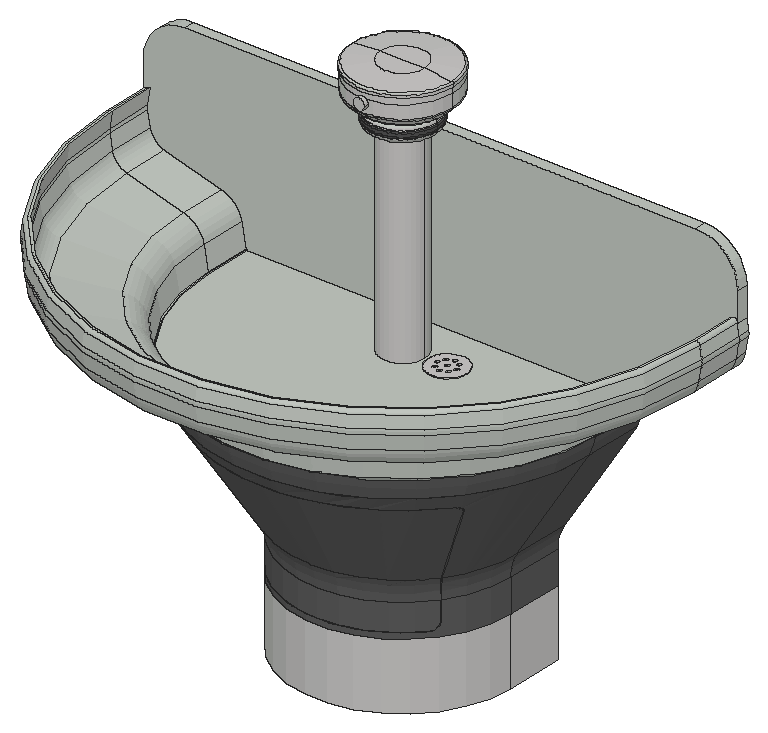
Revit family "Washfountain_Lavatory-Bradley_Corp-TDB3104-Type_B_Drain", category Plumbing Fixtures, Revit 2012 (continued)
Lines and regions (in)
  symbolic lines, visible <- "Towel Dispenser"
    curve 42: line (-9.02868, -27, 53.185) -> (-3.52868, -27, 53.185)
    curve 43: line (-3.52868, -27, 53.185) -> (-1.58013, -27, 51.81)
    curve 44: line (-3.52868, -27, 53.185) -> (-3.52868, -27, 66.435)
    curve 45: line (-9.02868, -27, 66.435) -> (-3.52868, -27, 66.435)
    curve 46: line (-3.52868, -27, 66.435) -> (-0.06458, -27, 67.1225)
    curve 47: line (-0.06458, -27, 67.1225) -> (-0.06458, -27, 51.81)
    curve 48: line (0.06458, -27, 51.81) -> (0.06458, -27, 67.1225)
    curve 49: line (0.06458, -27, 67.1225) -> (3.52868, -27, 66.435)
    curve 50: line (3.52868, -27, 66.435) -> (3.52868, -27, 53.185)
    curve 51: line (3.52868, -27, 53.185) -> (1.58013, -27, 51.81)
    curve 52: line (3.52868, -27, 53.185) -> (9.02868, -27, 53.185)
    curve 53: line (3.52868, -27, 66.435) -> (9.02868, -27, 66.435)
    curve 54: line (-2, -27, 67.1225) -> (2, -27, 67.1225)
    curve 55: line (-2, -27, 51.81) -> (2, -27, 51.81)
    curve 70: line (-5.56458, 7, 67.1225) -> (-5.56458, 7, 51.81)
    curve 71: line (5.56458, 7, 67.1225) -> (5.56458, 7, 51.81)
    curve 72: line (-2, 7, 53.37293) -> (-2, 7, 65.935)
    curve 73: line (2, 7, 65.935) -> (2, 7, 53.37293)
    curve 133: line (-27, -4.11186, 66.435) -> (-27, -2.11186, 67.1225)
    curve 134: line (-27, -4.11186, 66.435) -> (-27, -13.63814, 66.435)
    curve 135: line (-27, -4.11186, 53.185) -> (-27, -4.11186, 66.435)
    curve 136: line (-27, -2.98686, 51.81) -> (-27, -4.11186, 53.185)
    curve 137: line (-27, -4.11186, 53.185) -> (-27, -13.63814, 53.185)
    curve 144: line (-27, -3.25, 67.1225) -> (-27, -7.25, 67.1225)
    curve 145: line (-26.9807, -3.25, 51.81) -> (-26.9807, -7.25, 51.81)
    curve 152: line (-0.06458, -11.63814, 51.81) -> (-5.56458, -2.11186, 51.81)
    curve 153: line (5.56458, -2.11186, 51.81) -> (0.06458, -11.63814, 51.81)
    curve 164: line (-2, 7, 51.81) -> (-2, 7, 52.87293)
    curve 165: line (2, 7, 51.81) -> (2, 7, 52.87293)
    curve 166: line (-2, 7, 67.1225) -> (-2, 7, 66.435)
    curve 167: line (2, 7, 67.1225) -> (2, 7, 66.435)
    curve 168: line (-5.56458, 7, 66.435) -> (5.56458, 7, 66.435)
    curve 169: line (5.56458, 7, 65.935) -> (-5.56458, 7, 65.935)
    curve 170: line (-5.56458, 7, 53.37293) -> (5.56458, 7, 53.37293)
    curve 171: line (5.56458, 7, 52.87293) -> (-5.56458, 7, 52.87293)
  symbolic lines, visible <- "Towel Dispenser", detail levels medium+fine
    curve 56: line (-3.83614, -27, 52.87293) -> (-7.83674, -27, 52.87293)
    curve 57: spline (-7.83674, -27, 52.87293) -> (-7.91491, -27, 52.8596) -> (-7.94999, -27, 52.82053) -> (-7.93958, -27, 52.75838) -> (-7.88439, -27, 52.67739) -> (-7.78818, -27, 52.58306) -> (-7.65752, -27, 52.48184) -> (-7.50129, -27, 52.38062) -> (-7.33016, -27, 52.2863) -> (-7.15579, -27, 52.2053) -> (-6.99004, -27, 52.14315) -> (-6.84423, -27, 52.10408) -> (-6.72829, -27, 52.09075)
    curve 58: line (-6.72829, -27, 52.09075) -> (-2.72769, -27, 52.09075)
    curve 59: spline (-2.72769, -27, 52.09075) -> (-2.64952, -27, 52.10408) -> (-2.61444, -27, 52.14315) -> (-2.62485, -27, 52.2053) -> (-2.68004, -27, 52.2863) -> (-2.77625, -27, 52.38062) -> (-2.90691, -27, 52.48184) -> (-3.06314, -27, 52.58306) -> (-3.23427, -27, 52.67739) -> (-3.40864, -27, 52.75838) -> (-3.57439, -27, 52.82053) -> (-3.7202, -27, 52.8596) -> (-3.83614, -27, 52.87293)
    curve 60: line (7.83728, -27, 52.87335) -> (3.83704, -27, 52.87335)
    curve 61: spline (3.83704, -27, 52.87335) -> (3.72108, -27, 52.86002) -> (3.57526, -27, 52.82095) -> (3.4095, -27, 52.75879) -> (3.2351, -27, 52.67779) -> (3.06395, -27, 52.58345) -> (2.90772, -27, 52.48222) -> (2.77704, -27, 52.38099) -> (2.68082, -27, 52.28666) -> (2.62563, -27, 52.20565) -> (2.61521, -27, 52.1435) -> (2.65029, -27, 52.10442) -> (2.72847, -27, 52.09109)
    curve 62: line (2.72847, -27, 52.09109) -> (6.72872, -27, 52.09109)
    curve 63: spline (6.72872, -27, 52.09109) -> (6.84468, -27, 52.10442) -> (6.9905, -27, 52.1435) -> (7.15626, -27, 52.20565) -> (7.33066, -27, 52.28666) -> (7.5018, -27, 52.38099) -> (7.65804, -27, 52.48222) -> (7.78872, -27, 52.58345) -> (7.88494, -27, 52.67779) -> (7.94013, -27, 52.75879) -> (7.95054, -27, 52.82095) -> (7.91547, -27, 52.86002) -> (7.83728, -27, 52.87335)
    curve 140: line (-27, -12.08429, 52.87293) -> (-27, -5.15505, 52.87293)
    curve 141: spline (-27, -5.15505, 52.87293) -> (-27, -4.97604, 52.8596) -> (-27, -4.78742, 52.82053) -> (-27, -4.60205, 52.75838) -> (-27, -4.43256, 52.67739) -> (-27, -4.2905, 52.58306) -> (-27, -4.18555, 52.48184) -> (-27, -4.12486, 52.38062) -> (-27, -4.11258, 52.2863) -> (-27, -4.14953, 52.2053) -> (-27, -4.23319, 52.14315) -> (-27, -4.35788, 52.10408) -> (-27, -4.51509, 52.09075)
    curve 142: line (-27, -4.51509, 52.09075) -> (-27, -11.44433, 52.09075)
    curve 143: spline (-27, -11.44433, 52.09075) -> (-27, -11.62334, 52.10408) -> (-27, -11.81196, 52.14315) -> (-27, -11.99733, 52.2053) -> (-27, -12.16682, 52.2863) -> (-27, -12.30888, 52.38062) -> (-27, -12.41383, 52.48184) -> (-27, -12.47452, 52.58306) -> (-27, -12.4868, 52.67739) -> (-27, -12.44985, 52.75838) -> (-27, -12.36618, 52.82053) -> (-27, -12.2415, 52.8596) -> (-27, -12.08429, 52.87293)
    curve 151: line (-1.58013, -12.51314, 51.81) -> (-7.08013, -2.98686, 51.81)
    curve 154: line (7.08013, -2.98686, 51.81) -> (1.58013, -12.51314, 51.81)
  symbolic lines, visible <- "Towel Dispenser", detail levels fine
    curve 64: line (-8.05179, -27, 57.78719) -> (-8.05179, -27, 55.78719)
    curve 65: line (-8.05179, -27, 55.78719) -> (-8.05179, -27, 57.78719)
    curve 66: line (4.50683, -27, 57.78485) -> (4.50683, -27, 55.78485)
    curve 67: line (4.50683, -27, 55.78485) -> (4.50683, -27, 57.78485)
    curve 68: spline (-9.02868, -27, 53.185) -> (-8.93498, -27, 56.22612) -> (-8.66025, -27, 59.06) -> (-8.22323, -27, 61.4935) -> (-7.65368, -27, 63.3608) -> (-6.99044, -27, 64.53463) -> (-6.27868, -27, 64.935) -> (-5.56693, -27, 64.53463) -> (-4.90368, -27, 63.3608) -> (-4.33414, -27, 61.4935) -> (-3.89711, -27, 59.06) -> (-3.62239, -27, 56.22612) -> (-3.52868, -27, 53.185)
    curve 69: spline (3.52868, -27, 53.185) -> (3.62239, -27, 56.16142) -> (3.89711, -27, 58.935) -> (4.33414, -27, 61.31673) -> (4.90368, -27, 63.14429) -> (5.56693, -27, 64.29315) -> (6.27868, -27, 64.685) -> (6.99044, -27, 64.29315) -> (7.65368, -27, 63.14429) -> (8.22323, -27, 61.31673) -> (8.66025, -27, 58.935) -> (8.93498, -27, 56.16142) -> (9.02868, -27, 53.185)
    curve 138: spline (-27, -13.63814, 53.185) -> (-27, -13.47584, 56.16142) -> (-27, -13, 58.935) -> (-27, -12.24305, 61.31673) -> (-27, -11.25657, 63.14429) -> (-27, -10.10779, 64.29315) -> (-27, -8.875, 64.685) -> (-27, -7.64221, 64.29315) -> (-27, -6.49343, 63.14429) -> (-27, -5.50695, 61.31673) -> (-27, -4.75, 58.935) -> (-27, -4.27416, 56.16142) -> (-27, -4.11186, 53.185)
    curve 139: spline (-27, -5.8067, 55.78656) -> (-27, -5.84041, 55.82064) -> (-27, -5.87182, 55.92054) -> (-27, -5.89879, 56.07946) -> (-27, -5.91949, 56.28656) -> (-27, -5.9325, 56.52774) -> (-27, -5.93694, 56.78656) -> (-27, -5.9325, 57.04538) -> (-27, -5.91949, 57.28656) -> (-27, -5.89879, 57.49367) -> (-27, -5.87182, 57.65259) -> (-27, -5.84041, 57.75249) -> (-27, -5.8067, 57.78656) -> (-27, -5.77299, 57.75249) -> (-27, -5.74158, 57.65259) -> (-27, -5.7146, 57.49367) -> (-27, -5.69391, 57.28656) -> (-27, -5.68089, 57.04538) -> (-27, -5.67646, 56.78656) -> (-27, -5.68089, 56.52774) -> (-27, -5.69391, 56.28656) -> (-27, -5.7146, 56.07946) -> (-27, -5.74158, 55.92054) -> (-27, -5.77299, 55.82064) -> (-27, -5.8067, 55.78656)
  symbolic lines, visible <- "Soap Dispenser", detail levels medium+fine
    curve 79: line (-27, -11.45731, 54.75) -> (-27, -3.06766, 54.75)
    curve 87: line (-6.03002, 0, 54.75) -> (6.03002, 0, 54.75)
    curve 155: line (-4.17808, -3.06766, 55.75) -> (-4.17808, -5.3402, 55.75)
    curve 156: arc (4.17808, -5.3402, 55.75) -> (0, -9.51828, 55.75) -> (-4.17808, -5.3402, 55.75) r 4.17808
    curve 157: line (4.17808, -5.3402, 55.75) -> (4.17808, -3.06766, 55.75)
  symbolic lines, visible <- "Soap Dispenser", detail levels fine
    curve 80: line (-27, -11.49582, 55.37453) -> (-27, -3.06766, 55.37453)
    curve 81: line (-27, -11.32199, 54.10673) -> (-27, -3.06766, 54.10673)
    curve 82: line (-27, -11.26962, 52.85673) -> (-27, -3.06766, 52.85673)
    curve 83: line (-27, -11.217, 51.60673) -> (-27, -3.06766, 51.60673)
    curve 84: line (-27, -11.14922, 50.35673) -> (-27, -3.06766, 50.35673)
    curve 86: line (-6.15562, 0, 55.375) -> (6.15562, 0, 55.375)
    curve 88: line (5.98204, 0, 54.10673) -> (-5.98204, 0, 54.10673)
    curve 89: line (-5.92942, 0, 52.85673) -> (5.92942, 0, 52.85673)
    curve 90: line (5.8768, 0, 51.60673) -> (-5.8768, 0, 51.60673)
    curve 91: line (-5.80902, 0, 50.35673) -> (5.82464, 0, 50.35673)
  symbolic lines, visible <- "Soap Dispenser"
    curve 85: line (-27, -7.25, 49.75) -> (-27, -3.24582, 49.75)
    curve 92: line (-2, 0, 49.75) -> (2, 0, 49.75)
  symbolic lines, detail levels medium
    curve 94: line (-4.5755, -5.25, 45.06653) -> (4.5755, -5.25, 45.06653)
    curve 100: line (-3.035, -5.25, 42.77376) -> (-3.125, -5.25, 42.77376)
    curve 101: line (-3.035, -5.25, 43.27361) -> (-3.125, -5.25, 43.27361)
    curve 102: line (3.035, -5.25, 43.27361) -> (3.125, -5.25, 43.27361)
    curve 103: line (3.035, -5.25, 42.77376) -> (3.125, -5.25, 42.77376)
    curve 106: line (-27, -0.6745, 45.06653) -> (-27, -9.8255, 45.06653)
    curve 109: line (-27, -2.125, 43.27361) -> (-27, -2.215, 43.27361)
    curve 111: line (-26.9807, -8.285, 43.27392) -> (-26.9807, -8.375, 43.27392)
    curve 112: line (-27, -8.375, 42.77376) -> (-27, -8.285, 42.77376)
    curve 114: line (-27, -2.215, 42.77376) -> (-27, -2.125, 42.77376)
  symbolic lines, detail levels medium+fine
    curve 98: line (-3.035, -5.25, 43.27361) -> (3.035, -5.25, 43.27361)
    curve 99: line (3.035, -5.25, 42.77376) -> (-3.035, -5.25, 42.77376)
    curve 110: line (-27, -2.215, 43.27361) -> (-27, -8.285, 43.27361)
    curve 113: line (-27, -8.285, 42.77376) -> (-27, -2.215, 42.77376)
    curve 158: line (-16.42795, -5.25, 34) -> (-16.42795, -0.99695, 34)
    curve 159: arc (16.42795, -5.25, 34) -> (0, -21.67795, 34) -> (-16.42795, -5.25, 34) r 16.42795
    curve 160: line (16.42795, -0.99695, 34) -> (16.42795, -5.25, 34)
    curve 173: circle (4, -5.24635, 34) r 1.34351 normal (0, 0, 1)
    curve 174: circle (4, -5.24635, 34) r 0.1842 normal (0, 0, 1)
    curve 175: circle (4, -4.36864, 34) r 0.1842 normal (0, 0, 1)
    curve 176: circle (4.62063, -4.62571, 34) r 0.1842 normal (0, 0, 1)
    curve 177: circle (4.87771, -5.24635, 34) r 0.1842 normal (0, 0, 1)
    curve 178: circle (4.62063, -5.86698, 34) r 0.1842 normal (0, 0, 1)
    curve 179: circle (4, -6.12406, 34) r 0.1842 normal (0, 0, 1)
    curve 180: circle (3.37937, -5.86698, 34) r 0.1842 normal (0, 0, 1)
    curve 181: circle (3.12229, -5.24635, 34) r 0.1842 normal (0, 0, 1)
    curve 182: circle (3.37937, -4.62571, 34) r 0.1842 normal (0, 0, 1)
    curve 185: circle (0, -5.25, 47.414) r 3.75 normal (0, 0, 1)
  symbolic lines, visible <- "Standard Height", detail levels medium+fine
    curve 116: arc (-27, -25.14914, 27.60641) -> (-27, -21.62946, 26.99605) -> (-27, -18.06241, 26.80413) r 30.30246
    curve 132: line (-27, -18.06241, 26.80413) -> (-27, -15.06241, 26.80413)
    curve 161: arc (-19.89268, -27, 27.60641) -> (0, -27, 26.06829) -> (19.89268, -27, 27.60641) r 129.40584
  symbolic lines, visible <- "Standard Height", detail levels coarse
    curve 125: line (-27, -25.14914, 27.60641) -> (-27, 0, 27.60641)
    curve 162: line (-19.89268, -27, 27.60641) -> (19.89268, -27, 27.60641)
  symbolic lines, visible <- "Juvenile Height", detail levels medium+fine
    curve 126: arc (-27, -24.98186, 24.71005) -> (-27, -21.77754, 24.31554) -> (-27, -18.55112, 24.19901) r 37.37844
    curve 146: arc (-19.73471, -27, 24.7109) -> (0, -27, 24) -> (19.73471, -27, 24.7109) r 274.27377
  symbolic lines, visible <- "Soap Dispenser", detail levels medium
    curve 128: line (-6.03002, 0, 54.75) -> (-6.11711, 0, 54.75)
    curve 129: line (6.03002, 0, 54.75) -> (6.11711, 0, 54.75)
  symbolic lines, visible <- "Button Visibility"
    curve 184: circle (0, -44.4096, 45.95529) r 0.5 normal (0, -1, 0)
Dimensions and locks (in)
  equal spacing: plane 4 "Left", plane 3 "Center (Left/Right)", plane 5 "Right"
  "Width": plane 4 "Left" to plane 5 "Right"
  "Towel Dispenser Height": plane 6 "Towel Dispenser" to plane 2
  "Soap Dispenser Height": plane 7 "Soap Dispenser" to plane 2
  "Sensor Module Height": plane 8 "Sensor Module" to plane 2
  "Spray Head Height": plane 9 "Spray Head" to plane 2
  "Rim Height": plane 10 "Rim Height" to plane 2
  "Pedestal Height": plane 11 "Pedestal Height" to plane 2
  locked: curve 14 to plane 11 "Pedestal Height" at 16.5
  locked: curve 21 to plane 11 "Pedestal Height" at 12.5
  locked: Extrusion 19 sketch curve to Extrusion 19 sketch curve at 4
  locked: curve 25 to Extrusion 19 sketch curve at 15.3125
  locked: plane 7 "Soap Dispenser" to Extrusion 23 sketch curve at 6
  locked: plane 7 "Soap Dispenser" to Revolve 25 sketch curve at 6
  locked: plane 7 "Soap Dispenser" to Masking region 13 sketch curve at 6  (x2)
  locked: plane 8 "Sensor Module" to Revolve 22 sketch curve at 3.17187
  locked: plane 8 "Sensor Module" to Revolve 22 sketch curve at 5.10281
  locked: plane 8 "Sensor Module" to Revolve 21 sketch curve at 3.17187
  locked: plane 8 "Sensor Module" to Revolve 21 sketch curve at 5.10281
  locked: curve 25 to Extrusion 19 sketch curve at 15.16214
  locked: curve 25 to Extrusion 19 sketch curve at 4
  locked: Extrusion 18 sketch curve to curve 24 at 4
  locked: curve 24 to Extrusion 18 sketch curve at 15.3125
  locked: curve 24 to Extrusion 18 sketch curve at 15.16214
  "Towel Dispenser Holder": plane 6 "Towel Dispenser" to Masking region 6
  "Towel Dispenser Holder": plane 6 "Towel Dispenser" to Extrusion 27
  locked: Extrusion 27 to Extrusion 18 at 1
  "Towel Dispenser Holder": plane 6 "Towel Dispenser" to Masking region 11
  locked: plane 7 "Soap Dispenser" to Revolve 25 sketch curve at 1
  locked: plane 7 "Soap Dispenser" to Revolve 25 sketch curve at 0.375
  locked: plane 8 "Sensor Module" to Extrusion 15 at 3.17187
  locked: Extrusion 29 sketch curve to plane 1 "Center (Front/Back)" at 5.25
  locked: plane 1 "Center (Front/Back)" to Extrusion 30 at 1
  "Supply Height": Extrusion 29 to plane 2
  plane 7 "Soap Dispenser" to Extrusion 24 sketch curve to Extrusion 24 sketch curve = 1.000" locked, 5.000" locked
  plane 7 "Soap Dispenser" to Revolve 26 sketch curve to Revolve 26 sketch curve = 1.000" locked, 5.000" locked
  locked: plane 7 "Soap Dispenser" to Extrusion 32 sketch curve at 1
  locked: Extrusion 35 sketch curve to plane 1 "Center (Front/Back)" at 5.25
  locked: Extrusion 35 sketch curve to plane 3 "Center (Left/Right)" at 4
  locked: Extrusion 35 to plane 2 at 3
  Extrusion 29 sketch curve to plane 3 "Center (Left/Right)" to Extrusion 29 sketch curve = 0.875" locked, 0.875" locked
  locked: Extrusion 29 sketch curve to plane 1 "Center (Front/Back)" at 4  (x2)
  "Vent Radius": radius of Extrusion 29 sketch curve
  "Drain Radius": radius of Extrusion 35 sketch curve
  "Hot Lavatory Inlet Radius": radius of Extrusion 29 sketch curve
  "Cold Lavatory Inlet Radius": radius of Extrusion 29 sketch curve
  aligned and locked: plane 10 "Rim Height" to curve 1
  aligned and locked: Sweep 4 to Extrusion 15
  aligned and locked: plane 6 "Towel Dispenser" to curve 23
  aligned and locked: Extrusion 17 to plane 8 "Sensor Module"
  aligned and locked: Extrusion 18 to Extrusion 20
  aligned and locked: plane 11 "Pedestal Height" to Masking region 9 sketch curve
  aligned and locked: plane 2 to Masking region 9 sketch curve
  aligned and locked: Masking region 10 sketch curve to plane 8 "Sensor Module"
  aligned and locked: Masking region 12 to plane 8 "Sensor Module"
  aligned and locked: Masking region 13 to plane 8 "Sensor Module"
  aligned and locked: Masking region 14 to plane 8 "Sensor Module"
  aligned and locked: Masking region 25 to Revolve 21
  aligned and locked: Masking region 25 to plane 10 "Rim Height"
  aligned and locked: Revolve 21 to Masking region 26
  aligned and locked: plane 10 "Rim Height" to Masking region 26
  aligned and locked: Revolve 25 to Masking region 14  (x3)
  aligned and locked: Masking region 14 sketch curve to Extrusion 23
  aligned and locked: Extrusion 23 to Masking region 14
  aligned and locked: Extrusion 17 to cut or joined group of Extrusion 24, Revolve 26
  aligned and locked: Extrusion 29 to plane 2
  aligned and locked: Revolve 31 sketch curve to plane 3 "Center (Left/Right)"
  aligned and locked: Extrusion 35 to plane 2
Automatic sketch dimensions
  curve 21 to plane 4 "Left" = 6.92149"
  curve 21 to curve 14 = 1.92149"
  plane 4 "Left" to curve 14 = 6.000"
  curve 14 to curve 21 = 0.07851"
  curve 1 to plane 4 "Left" = 20.13744"
  plane 4 "Left" to curve 1 = 2.86256"
  Extrusion 1 sketch curve to plane 1 "Center (Front/Back)" = 0.000"
  Extrusion 1 sketch curve to plane 3 "Center (Left/Right)" = 0.000"
  Extrusion 1 sketch curve to plane 3 "Center (Left/Right)" = 9.750"
  plane 1 "Center (Front/Back)" to Extrusion 1 sketch curve = 5.250"
  Sweep 2 sketch curve to profile plane = 0.000"  (x2)
  profile plane to Sweep 2 sketch curve = 0.20663"
  Sweep 2 sketch curve to Sweep 2 sketch curve = 0.42149"
  profile plane to Sweep 2 sketch curve = 6.67795"
  Sweep 2 sketch curve to Sweep 2 sketch curve = 0.46084"
  Sweep 2 sketch curve to Sweep 2 sketch curve = 0.55216"
  Sweep 2 sketch curve to Sweep 2 sketch curve = 0.51988"
  Sweep 2 sketch curve to Sweep 2 sketch curve = 0.500"
  Sweep 2 sketch curve to Sweep 2 sketch curve = 2.980"
  Sweep 2 sketch curve to Sweep 2 sketch curve = 0.000"
  Sweep 2 sketch curve to Sweep 2 sketch curve = 2.15184"
  Sweep 2 sketch curve to Sweep 2 sketch curve = 0.26898"
  Sweep 2 sketch curve to Sweep 2 sketch curve = 10.2021"
  Sweep 2 sketch curve to Sweep 2 sketch curve = 0.20731"
  Sweep 2 sketch curve to Sweep 2 sketch curve = 1.93875"
  Sweep 3 sketch curve to profile plane = 0.000"  (x2)
  profile plane to Sweep 3 sketch curve = 0.20663"
  Sweep 3 sketch curve to Sweep 3 sketch curve = 0.42149"
  profile plane to Sweep 3 sketch curve = 4.000"
  profile plane to Sweep 3 sketch curve = 6.67795"
  Sweep 3 sketch curve to Sweep 3 sketch curve = 0.46084"
  Sweep 3 sketch curve to Sweep 3 sketch curve = 0.55216"
  Sweep 3 sketch curve to Sweep 3 sketch curve = 0.37561"
  Sweep 3 sketch curve to Sweep 3 sketch curve = 0.0125"
  Sweep 3 sketch curve to Sweep 3 sketch curve = 0.11945"
  Sweep 3 sketch curve to Sweep 3 sketch curve = 0.000"  (x2)
  Sweep 3 sketch curve to Sweep 3 sketch curve = 0.500"
  Sweep 3 sketch curve to profile plane = 1.16827"
  Sweep 3 sketch curve to Sweep 3 sketch curve = 2.980"
  Sweep 3 sketch curve to Sweep 3 sketch curve = 0.26898"
  Sweep 3 sketch curve to Sweep 3 sketch curve = 10.2021"
  Sweep 3 sketch curve to Sweep 3 sketch curve = 0.20731"
  Sweep 3 sketch curve to Sweep 3 sketch curve = 1.79793"
  profile plane to Sweep 4 sketch curve = 17.05789"
  Sweep 4 sketch curve to Sweep 4 sketch curve = 0.52916"
  Sweep 4 sketch curve to Sweep 4 sketch curve = 1.20506"
  Sweep 4 sketch curve to Sweep 4 sketch curve = 0.38561"
  Sweep 4 sketch curve to Sweep 4 sketch curve = 4.79538"
  Sweep 4 sketch curve to Sweep 4 sketch curve = 0.27039"
  Sweep 4 sketch curve to Sweep 4 sketch curve = 1.45241"
  Sweep 4 sketch curve to Sweep 4 sketch curve = 0.44027"
  Sweep 4 sketch curve to Sweep 4 sketch curve = 0.46741"
  Sweep 4 sketch curve to Sweep 4 sketch curve = 0.50758"
  profile plane to Sweep 4 sketch curve = 17.480"
  Sweep 4 sketch curve to Sweep 4 sketch curve = 0.500"
  Sweep 4 sketch curve to Sweep 4 sketch curve = 2.01893"
  Sweep 4 sketch curve to Sweep 4 sketch curve = 0.22984"
  Sweep 4 sketch curve to Sweep 4 sketch curve = 1.58748"
  Sweep 4 sketch curve to Sweep 4 sketch curve = 0.44518"
  Sweep 4 sketch curve to Sweep 4 sketch curve = 1.38849"
  Sweep 4 sketch curve to Sweep 4 sketch curve = 0.4143"
  Sweep 4 sketch curve to Sweep 4 sketch curve = 4.5908"
  Sweep 5 sketch curve to Sweep 5 sketch curve = 0.000"  (x7)
  profile plane to Sweep 5 sketch curve = 17.21443"
  Sweep 5 sketch curve to Sweep 5 sketch curve = 0.00833"
  Sweep 5 sketch curve to Sweep 5 sketch curve = 0.15654"
  Sweep 5 sketch curve to Sweep 5 sketch curve = 0.25178"
  Sweep 5 sketch curve to Sweep 5 sketch curve = 0.49458"
  Sweep 5 sketch curve to Sweep 5 sketch curve = 0.00555"
  Sweep 5 sketch curve to Sweep 5 sketch curve = 0.37062"
  Sweep 5 sketch curve to Sweep 5 sketch curve = 0.18233"
  Sweep 5 sketch curve to Sweep 5 sketch curve = 0.4918"
  Sweep 5 sketch curve to Sweep 5 sketch curve = 0.98915"
  Sweep 5 sketch curve to Sweep 5 sketch curve = 1.13886"
  Sweep 5 sketch curve to Sweep 5 sketch curve = 0.12943"  (x2)
  Sweep 5 sketch curve to Sweep 5 sketch curve = 0.98948"
  Sweep 5 sketch curve to Sweep 5 sketch curve = 4.66326"
  Sweep 5 sketch curve to Sweep 5 sketch curve = 0.51772"
  Sweep 5 sketch curve to Sweep 5 sketch curve = 1.97013"
  Sweep 5 sketch curve to Sweep 5 sketch curve = 0.4229"
  Sweep 5 sketch curve to Sweep 5 sketch curve = 0.49279"
  Sweep 5 sketch curve to Sweep 5 sketch curve = 0.11821"
  Sweep 5 sketch curve to Sweep 5 sketch curve = 0.30283"
  Sweep 5 sketch curve to Sweep 5 sketch curve = 0.1039"
  profile plane to Sweep 5 sketch curve = 17.480"
  Sweep 5 sketch curve to Sweep 5 sketch curve = 0.09934"
  Sweep 5 sketch curve to Sweep 5 sketch curve = 0.500"
  Sweep 5 sketch curve to Sweep 5 sketch curve = 0.08737"
  Sweep 5 sketch curve to Sweep 5 sketch curve = 2.07524"
  Sweep 5 sketch curve to Sweep 5 sketch curve = 0.34435"
  Sweep 5 sketch curve to Sweep 5 sketch curve = 0.08462"
  Sweep 5 sketch curve to Sweep 5 sketch curve = 1.38849"
  Sweep 5 sketch curve to Sweep 5 sketch curve = 0.48296"
  Sweep 5 sketch curve to Sweep 5 sketch curve = 1.28456"
  Sweep 5 sketch curve to Sweep 5 sketch curve = 1.37314"
  Sweep 5 sketch curve to Sweep 5 sketch curve = 0.09018"
  Sweep 5 sketch curve to Sweep 5 sketch curve = 0.18035"
  Sweep 5 sketch curve to Sweep 5 sketch curve = 1.07264"
  Sweep 5 sketch curve to Sweep 5 sketch curve = 0.05503"
  Extrusion 6 sketch curve to curve 14 = 0.000"
  Extrusion 6 sketch curve to curve 14 = 7.3736"
  Extrusion 6 sketch curve to curve 14 = 47.96443"
  Extrusion 6 sketch curve to curve 14 = 7.86445"
  Extrusion 6 sketch curve to Extrusion 6 sketch curve = 0.00833"  (x2)
  Extrusion 6 sketch curve to Extrusion 6 sketch curve = 0.15654"
  Extrusion 6 sketch curve to curve 14 = 9.23759"
  Extrusion 6 sketch curve to Extrusion 6 sketch curve = 0.25178"  (x2)
  Extrusion 6 sketch curve to Extrusion 6 sketch curve = 1.4754"
  Extrusion 6 sketch curve to Extrusion 6 sketch curve = 1.63066"
  Extrusion 6 sketch curve to Extrusion 6 sketch curve = 0.98948"  (x2)
  Extrusion 6 sketch curve to Extrusion 6 sketch curve = 3.750"  (x2)
  Extrusion 6 sketch curve to Extrusion 6 sketch curve = 4.66326"
  Extrusion 6 sketch curve to curve 14 = 12.39359"
  Extrusion 6 sketch curve to Extrusion 6 sketch curve = 0.51772"
  Extrusion 6 sketch curve to curve 14 = 13.98107"
  Extrusion 6 sketch curve to Extrusion 6 sketch curve = 1.97013"
  Extrusion 6 sketch curve to curve 14 = 16.40066"
  Extrusion 6 sketch curve to Extrusion 6 sketch curve = 0.4229"  (x2)
  Extrusion 6 sketch curve to Extrusion 6 sketch curve = 0.11821"  (x2)
  Extrusion 6 sketch curve to curve 14 = 3.10085"
  Extrusion 6 sketch curve to curve 14 = 1.10732"
  Extrusion 6 sketch curve to curve 14 = 0.5896"
  curve 14 to Extrusion 6 sketch curve = 2.05789"
  curve 14 to Extrusion 6 sketch curve = 3.49122"
  Extrusion 6 sketch curve to Extrusion 6 sketch curve = 0.58244"
  Extrusion 6 sketch curve to Extrusion 6 sketch curve = 1.22363"
  Extrusion 6 sketch curve to Extrusion 6 sketch curve = 1.05424"  (x2)
  Extrusion 6 sketch curve to Extrusion 6 sketch curve = 2.56937"
  Extrusion 6 sketch curve to Extrusion 6 sketch curve = 0.22032"
  Extrusion 6 sketch curve to Extrusion 6 sketch curve = 1.23787"  (x2)
  Extrusion 6 sketch curve to Extrusion 6 sketch curve = 1.37314"
  curve 14 to Extrusion 6 sketch curve = 12.39359"
  Extrusion 6 sketch curve to Extrusion 6 sketch curve = 1.58748"
  Extrusion 6 sketch curve to Extrusion 6 sketch curve = 0.02066"
  Extrusion 6 sketch curve to Extrusion 6 sketch curve = 0.120"
  Extrusion 7 sketch curve to curve 14 = 0.000"
  Extrusion 7 sketch curve to curve 14 = 6.000"
  Extrusion 7 sketch curve to curve 14 = 47.80789"
  Extrusion 7 sketch curve to curve 14 = 11.0051"
  Extrusion 7 sketch curve to Extrusion 7 sketch curve = 1.73423"
  Extrusion 7 sketch curve to curve 14 = 3.750"  (x2)
  Extrusion 7 sketch curve to curve 14 = 12.39359"
  Extrusion 7 sketch curve to Extrusion 7 sketch curve = 5.18099"
  Extrusion 7 sketch curve to curve 14 = 13.98107"
  Extrusion 7 sketch curve to Extrusion 7 sketch curve = 1.45241"
  Extrusion 7 sketch curve to curve 14 = 16.500"
  Extrusion 7 sketch curve to Extrusion 7 sketch curve = 0.44027"  (x2)
  Extrusion 7 sketch curve to curve 14 = 3.000"
  Extrusion 7 sketch curve to curve 14 = 1.10732"
  curve 14 to Extrusion 7 sketch curve = 2.05789"
  curve 14 to Extrusion 7 sketch curve = 4.07366"
  Extrusion 7 sketch curve to Extrusion 7 sketch curve = 2.250"
  curve 14 to Extrusion 7 sketch curve = 11.0051"
  curve 14 to Extrusion 7 sketch curve = 12.39359"
  Extrusion 7 sketch curve to Extrusion 7 sketch curve = 1.58748"
  Extrusion 9 sketch curve to plane 11 "Pedestal Height" = 0.000"
  plane 4 "Left" to Extrusion 9 sketch curve = 10.01988"
  Extrusion 9 sketch curve to plane 11 "Pedestal Height" = 1.93875"  (x2)
  Extrusion 9 sketch curve to Extrusion 9 sketch curve = 0.55216"  (x2)
  Extrusion 9 sketch curve to plane 3 "Center (Left/Right)" = 9.95663"
  Extrusion 9 sketch curve to Extrusion 9 sketch curve = 0.70663"  (x2)
  plane 3 "Center (Left/Right)" to Extrusion 9 sketch curve = 9.250"
  Extrusion 9 sketch curve to plane 5 "Right" = 10.57205"
  level to Extrusion 9 sketch curve = 11.42082"  (x2)
  Extrusion 9 sketch curve to Extrusion 9 sketch curve = 2.42082"  (x2)
  Extrusion 9 sketch curve to Extrusion 9 sketch curve = 2.980"
  profile plane to Sweep 10 sketch curve = 17.05789"
  Sweep 10 sketch curve to Sweep 10 sketch curve = 0.33998"
  Sweep 10 sketch curve to Sweep 10 sketch curve = 1.26148"
  Sweep 10 sketch curve to Sweep 10 sketch curve = 0.37615"
  Sweep 10 sketch curve to Sweep 10 sketch curve = 6.1096"
  Sweep 10 sketch curve to Sweep 10 sketch curve = 0.25072"
  Sweep 10 sketch curve to Sweep 10 sketch curve = 1.06066"
  Sweep 10 sketch curve to Sweep 10 sketch curve = 0.20711"
  Sweep 10 sketch curve to Sweep 10 sketch curve = 0.50758"
  profile plane to Sweep 10 sketch curve = 17.480"
  Sweep 10 sketch curve to Sweep 10 sketch curve = 0.500"
  Sweep 10 sketch curve to Sweep 10 sketch curve = 0.56066"
  Sweep 10 sketch curve to Sweep 10 sketch curve = 0.45639"
  Sweep 10 sketch curve to Sweep 10 sketch curve = 1.44565"
  Sweep 10 sketch curve to Sweep 10 sketch curve = 0.42843"
  Sweep 10 sketch curve to Sweep 10 sketch curve = 3.06543"
  Sweep 10 sketch curve to Sweep 10 sketch curve = 0.49984"
  Sweep 11 sketch curve to Sweep 11 sketch curve = 0.000"  (x4)
  profile plane to Sweep 11 sketch curve = 17.06017"
  Sweep 11 sketch curve to Sweep 11 sketch curve = 0.34215"
  Sweep 11 sketch curve to Sweep 11 sketch curve = 0.35149"
  Sweep 11 sketch curve to Sweep 11 sketch curve = 0.96392"
  Sweep 11 sketch curve to Sweep 11 sketch curve = 0.35711"
  Sweep 11 sketch curve to Sweep 11 sketch curve = 1.31387"
  Sweep 11 sketch curve to Sweep 11 sketch curve = 0.10878"  (x2)
  Sweep 11 sketch curve to Sweep 11 sketch curve = 1.37319"
  Sweep 11 sketch curve to Sweep 11 sketch curve = 4.2803"
  Sweep 11 sketch curve to Sweep 11 sketch curve = 0.51736"
  Sweep 11 sketch curve to Sweep 11 sketch curve = 1.12685"
  Sweep 11 sketch curve to Sweep 11 sketch curve = 0.34986"
  Sweep 11 sketch curve to Sweep 11 sketch curve = 0.60786"
  Sweep 11 sketch curve to Sweep 11 sketch curve = 0.20711"
  Sweep 11 sketch curve to Sweep 11 sketch curve = 0.30047"
  profile plane to Sweep 11 sketch curve = 16.36982"
  Sweep 11 sketch curve to Sweep 11 sketch curve = 1.11018"
  Sweep 11 sketch curve to Sweep 11 sketch curve = 0.500"
  Sweep 11 sketch curve to Sweep 11 sketch curve = 0.10786"
  Sweep 11 sketch curve to Sweep 11 sketch curve = 0.35725"
  Sweep 11 sketch curve to Sweep 11 sketch curve = 1.06938"
  Sweep 11 sketch curve to Sweep 11 sketch curve = 0.48802"
  Sweep 11 sketch curve to Sweep 11 sketch curve = 0.56179"
  Sweep 11 sketch curve to Sweep 11 sketch curve = 2.18899"
  Sweep 11 sketch curve to Sweep 11 sketch curve = 0.12691"
  Extrusion 12 sketch curve to curve 21 = 0.000"
  Extrusion 12 sketch curve to curve 21 = 5.8864"
  Extrusion 12 sketch curve to Extrusion 12 sketch curve = 0.05365"
  Extrusion 12 sketch curve to Extrusion 12 sketch curve = 0.86879"  (x2)
  Extrusion 12 sketch curve to Extrusion 12 sketch curve = 0.90799"
  Extrusion 12 sketch curve to Extrusion 12 sketch curve = 1.31387"  (x2)
  Extrusion 12 sketch curve to Extrusion 12 sketch curve = 1.7303"
  Extrusion 12 sketch curve to curve 21 = 2.1364"
  curve 21 to Extrusion 12 sketch curve = 0.66942"
  curve 21 to Extrusion 12 sketch curve = 1.18678"
  Extrusion 12 sketch curve to Extrusion 12 sketch curve = 1.12685"  (x2)
  Extrusion 12 sketch curve to Extrusion 12 sketch curve = 0.60786"  (x3)
  curve 21 to Extrusion 12 sketch curve = 12.500"
  Extrusion 12 sketch curve to Extrusion 12 sketch curve = 36.000"
  curve 21 to Extrusion 12 sketch curve = 11.89214"
  Extrusion 12 sketch curve to Extrusion 12 sketch curve = 0.51736"
  Extrusion 12 sketch curve to Extrusion 12 sketch curve = 3.32318"
  Extrusion 12 sketch curve to Extrusion 12 sketch curve = 1.05806"
  Extrusion 12 sketch curve to Extrusion 12 sketch curve = 0.41643"
  Extrusion 12 sketch curve to Extrusion 12 sketch curve = 1.7695"
  curve 21 to Extrusion 12 sketch curve = 6.6551"
  Extrusion 12 sketch curve to Extrusion 12 sketch curve = 0.92244"
  Extrusion 12 sketch curve to Extrusion 12 sketch curve = 1.71804"
  Extrusion 12 sketch curve to curve 21 = 13.61018"
  Extrusion 12 sketch curve to curve 21 = 10.21972"
  Extrusion 12 sketch curve to Extrusion 12 sketch curve = 3.56462"
  Extrusion 12 sketch curve to Extrusion 12 sketch curve = 1.04981"  (x2)
  Extrusion 12 sketch curve to Extrusion 12 sketch curve = 2.51481"
  Extrusion 12 sketch curve to Extrusion 12 sketch curve = 0.31368"  (x2)
  Extrusion 13 sketch curve to curve 21 = 0.000"
  Extrusion 13 sketch curve to curve 21 = 5.8864"
  Extrusion 13 sketch curve to Extrusion 13 sketch curve = 1.26148"  (x2)
  Extrusion 13 sketch curve to curve 21 = 2.1364"
  curve 21 to Extrusion 13 sketch curve = 1.86083"
  Extrusion 13 sketch curve to Extrusion 13 sketch curve = 1.06066"  (x3)
  curve 21 to Extrusion 13 sketch curve = 12.500"
  Extrusion 13 sketch curve to Extrusion 13 sketch curve = 36.000"
  curve 21 to Extrusion 13 sketch curve = 11.43934"
  curve 21 to Extrusion 13 sketch curve = 3.750"
  Extrusion 13 sketch curve to Extrusion 13 sketch curve = 3.99723"
  curve 21 to Extrusion 13 sketch curve = 9.99369"
  Extrusion 13 sketch curve to curve 21 = 9.99369"
  Extrusion 13 sketch curve to Extrusion 13 sketch curve = 2.77782"  (x2)
  Extrusion 14 sketch curve to Extrusion 14 sketch curve = 0.87229"
  Extrusion 14 sketch curve to Extrusion 14 sketch curve = 0.25708"  (x5)
  Extrusion 14 sketch curve to Extrusion 14 sketch curve = 0.62063"  (x10)
  Extrusion 15 sketch curve to plane 3 "Center (Left/Right)" = 0.000"
  plane 1 "Center (Front/Back)" to Extrusion 15 sketch curve = 5.250"
  Extrusion 16 sketch curve to Extrusion 16 sketch curve = 0.000"  (x7)
  curve 21 to Extrusion 16 sketch curve = 8.11292"
  Extrusion 16 sketch curve to Extrusion 16 sketch curve = 0.052"
  Extrusion 16 sketch curve to Extrusion 16 sketch curve = 0.22903"
  Extrusion 16 sketch curve to Extrusion 16 sketch curve = 0.00701"  (x2)
  Extrusion 16 sketch curve to Extrusion 16 sketch curve = 0.32568"
  curve 21 to Extrusion 16 sketch curve = 9.66113"
  Extrusion 16 sketch curve to Extrusion 16 sketch curve = 2.76437"
  Extrusion 16 sketch curve to Extrusion 16 sketch curve = 0.0519"
  Extrusion 16 sketch curve to Extrusion 16 sketch curve = 0.51604"
  Extrusion 16 sketch curve to Extrusion 16 sketch curve = 0.05859"
  Extrusion 16 sketch curve to Extrusion 16 sketch curve = 0.52993"
  Extrusion 16 sketch curve to Extrusion 16 sketch curve = 0.01463"
  Extrusion 16 sketch curve to Extrusion 16 sketch curve = 0.00079"
  Extrusion 16 sketch curve to Extrusion 16 sketch curve = 14.71052"
  Extrusion 16 sketch curve to Extrusion 16 sketch curve = 0.00972"
  Extrusion 16 sketch curve to Extrusion 16 sketch curve = 0.00484"
  Extrusion 16 sketch curve to Extrusion 16 sketch curve = 0.58467"
  Extrusion 16 sketch curve to Extrusion 16 sketch curve = 0.07564"
  Extrusion 16 sketch curve to Extrusion 16 sketch curve = 0.43038"
  Extrusion 16 sketch curve to Extrusion 16 sketch curve = 0.05231"
  Extrusion 16 sketch curve to Extrusion 16 sketch curve = 2.78655"
  Extrusion 16 sketch curve to Extrusion 16 sketch curve = 1.15791"
  Extrusion 16 sketch curve to Extrusion 16 sketch curve = 0.08964"
  Extrusion 16 sketch curve to Extrusion 16 sketch curve = 0.32472"
  Extrusion 16 sketch curve to Extrusion 16 sketch curve = 0.05186"
  Extrusion 16 sketch curve to curve 21 = 29.46715"
  Extrusion 16 sketch curve to Extrusion 16 sketch curve = 1.76161"
  Extrusion 16 sketch curve to Extrusion 16 sketch curve = 1.87798"
  Extrusion 16 sketch curve to Extrusion 16 sketch curve = 0.18344"
  Extrusion 16 sketch curve to Extrusion 16 sketch curve = 2.15339"
  Extrusion 16 sketch curve to Extrusion 16 sketch curve = 0.0272"
  Extrusion 16 sketch curve to Extrusion 16 sketch curve = 2.08114"
  Extrusion 16 sketch curve to Extrusion 16 sketch curve = 0.02642"
  Extrusion 16 sketch curve to Extrusion 16 sketch curve = 6.26208"
  Extrusion 16 sketch curve to Extrusion 16 sketch curve = 6.39267"
  Extrusion 16 sketch curve to Extrusion 16 sketch curve = 0.02728"
  Extrusion 16 sketch curve to Extrusion 16 sketch curve = 0.02701"
  curve 23 to plane 4 "Left" = 0.000"
  curve 23 to curve 23 = 8.86256"
  Extrusion 17 sketch curve to plane 3 "Center (Left/Right)" = 0.000"
  plane 1 "Center (Front/Back)" to Extrusion 17 sketch curve = 5.250"
  Extrusion 18 sketch curve to plane 6 "Towel Dispenser" = 0.000"
  plane 6 "Towel Dispenser" to Extrusion 18 sketch curve = 1.375"
  Extrusion 18 sketch curve to Extrusion 18 sketch curve = 1.750"
  Extrusion 19 sketch curve to plane 6 "Towel Dispenser" = 0.000"
  plane 6 "Towel Dispenser" to Extrusion 19 sketch curve = 1.375"
  Extrusion 19 sketch curve to Extrusion 19 sketch curve = 1.750"
  plane 1 "Center (Front/Back)" to curve 25 = 2.11186"
  plane 3 "Center (Left/Right)" to curve 25 = 5.56458"
  plane 3 "Center (Left/Right)" to curve 25 = 0.06458"
  curve 24 to plane 3 "Center (Left/Right)" = 0.06458"
  plane 1 "Center (Front/Back)" to curve 24 = 2.11186"
  curve 24 to plane 3 "Center (Left/Right)" = 5.56458"
  curve 25 to curve 25 = 9.52628"
  curve 24 to curve 25 = 0.000"
  Extrusion 18 to Split face 1 sketch curve = 0.59847"
  Split face 1 sketch curve to Split face 1 sketch curve = 0.750"
  Split face 1 sketch curve to Extrusion 18 = 1.4994"  (x2)
  Extrusion 19 to Split face 2 sketch curve = 0.59766"
  Split face 2 sketch curve to Split face 2 sketch curve = 0.75008"
  Split face 2 sketch curve to Extrusion 19 = 1.500"
  Split face 2 sketch curve to Extrusion 19 = 1.49951"
  Extrusion 20 sketch curve to Extrusion 20 sketch curve = 0.000"  (x2)
  Extrusion 20 sketch curve to curve 23 = 2.11186"  (x2)
  Extrusion 20 sketch curve to curve 23 = 23.70202"
  Extrusion 20 sketch curve to Extrusion 20 sketch curve = 0.11164"
  Extrusion 20 sketch curve to Extrusion 20 sketch curve = 3.45295"  (x2)
  Extrusion 20 sketch curve to Extrusion 20 sketch curve = 1.93542"
  Extrusion 20 sketch curve to Extrusion 20 sketch curve = 2.000"
  Extrusion 20 sketch curve to Extrusion 20 sketch curve = 0.12917"
  Extrusion 20 sketch curve to Extrusion 20 sketch curve = 0.06445"
  Extrusion 20 sketch curve to curve 23 = 5.250"
  Masking region 1 sketch curve to plane 11 "Pedestal Height" = 0.000"
  Masking region 1 sketch curve to level = 0.000"
  plane 4 "Left" to Masking region 1 sketch curve = 9.500"
  Masking region 1 sketch curve to plane 11 "Pedestal Height" = 2.14606"  (x2)
  Masking region 1 sketch curve to Masking region 1 sketch curve = 0.61121"  (x2)
  Masking region 1 sketch curve to plane 3 "Center (Left/Right)" = 10.37812"
  Masking region 1 sketch curve to Masking region 1 sketch curve = 0.62812"  (x2)
  plane 3 "Center (Left/Right)" to Masking region 1 sketch curve = 9.750"
  Masking region 1 sketch curve to plane 5 "Right" = 10.11121"
  Masking region 1 sketch curve to Masking region 1 sketch curve = 6.020"  (x2)
  Masking region 1 sketch curve to Masking region 1 sketch curve = 2.980"  (x2)
  Masking region 1 sketch curve to Masking region 1 sketch curve = 2.15184"  (x2)
  Masking region 2 sketch curve to curve 21 = 0.000"
  curve 21 to Masking region 2 sketch curve = 3.750"  (x2)
  Masking region 2 sketch curve to curve 21 = 5.8864"
  Masking region 2 sketch curve to Masking region 2 sketch curve = 1.26148"  (x2)
  curve 21 to Masking region 2 sketch curve = 1.86083"
  Masking region 2 sketch curve to Masking region 2 sketch curve = 1.06066"  (x3)
  curve 21 to Masking region 2 sketch curve = 12.500"
  Masking region 2 sketch curve to Masking region 2 sketch curve = 36.000"
  curve 21 to Masking region 2 sketch curve = 11.43934"
  Masking region 2 sketch curve to Masking region 2 sketch curve = 3.99723"
  curve 21 to Masking region 2 sketch curve = 9.99369"
  Masking region 2 sketch curve to curve 21 = 9.99369"
  Masking region 2 sketch curve to Masking region 2 sketch curve = 2.77782"  (x2)
  Masking region 3 sketch curve to curve 21 = 0.000"
  Masking region 3 sketch curve to curve 21 = 5.93886"
  Masking region 3 sketch curve to Masking region 3 sketch curve = 0.05246"
  Masking region 3 sketch curve to Masking region 3 sketch curve = 0.33123"  (x2)
  Masking region 3 sketch curve to Masking region 3 sketch curve = 0.000"  (x2)
  Masking region 3 sketch curve to Masking region 3 sketch curve = 0.63041"  (x2)
  Masking region 3 sketch curve to Masking region 3 sketch curve = 1.31387"  (x2)
  Masking region 3 sketch curve to Masking region 3 sketch curve = 1.7303"
  Masking region 3 sketch curve to curve 21 = 2.1364"
  curve 21 to Masking region 3 sketch curve = 0.66942"
  curve 21 to Masking region 3 sketch curve = 1.18678"
  Masking region 3 sketch curve to Masking region 3 sketch curve = 1.13028"  (x2)
  Masking region 3 sketch curve to Masking region 3 sketch curve = 0.60457"  (x3)
  curve 21 to Masking region 3 sketch curve = 12.500"
  Masking region 3 sketch curve to Masking region 3 sketch curve = 35.99972"
  curve 21 to Masking region 3 sketch curve = 11.2891"
  Masking region 3 sketch curve to Masking region 3 sketch curve = 0.51736"
  Masking region 3 sketch curve to Masking region 3 sketch curve = 3.32318"
  Masking region 3 sketch curve to Masking region 3 sketch curve = 1.05806"
  Masking region 3 sketch curve to Masking region 3 sketch curve = 0.41643"
  curve 21 to Masking region 3 sketch curve = 6.38369"
  Masking region 3 sketch curve to Masking region 3 sketch curve = 0.38369"
  Masking region 3 sketch curve to Masking region 3 sketch curve = 2.32109"
  Masking region 3 sketch curve to curve 21 = 13.61018"
  Masking region 3 sketch curve to curve 21 = 10.21972"
  Masking region 3 sketch curve to Masking region 3 sketch curve = 3.83603"
  Masking region 3 sketch curve to Masking region 3 sketch curve = 1.04981"  (x2)
  Masking region 3 sketch curve to Masking region 3 sketch curve = 2.63369"
  Masking region 4 sketch curve to curve 14 = 0.000"
  Masking region 4 sketch curve to curve 14 = 6.000"
  Masking region 4 sketch curve to curve 14 = 47.80789"
  Masking region 4 sketch curve to curve 14 = 11.0051"
  Masking region 4 sketch curve to Masking region 4 sketch curve = 1.73423"
  Masking region 4 sketch curve to Masking region 4 sketch curve = 3.750"  (x2)
  Masking region 4 sketch curve to curve 14 = 12.39359"
  Masking region 4 sketch curve to Masking region 4 sketch curve = 5.18099"
  Masking region 4 sketch curve to curve 14 = 13.98107"
  Masking region 4 sketch curve to Masking region 4 sketch curve = 1.45241"
  Masking region 4 sketch curve to curve 14 = 16.500"
  Masking region 4 sketch curve to Masking region 4 sketch curve = 0.44027"  (x2)
  Masking region 4 sketch curve to curve 14 = 3.000"
  Masking region 4 sketch curve to curve 14 = 1.10732"
  curve 14 to Masking region 4 sketch curve = 2.05789"
  curve 14 to Masking region 4 sketch curve = 4.07366"
  Masking region 4 sketch curve to Masking region 4 sketch curve = 2.250"
  curve 14 to Masking region 4 sketch curve = 11.0051"
  curve 14 to Masking region 4 sketch curve = 12.39359"
  Masking region 4 sketch curve to Masking region 4 sketch curve = 1.58748"
  Masking region 5 sketch curve to curve 14 = 0.000"
  Masking region 5 sketch curve to curve 14 = 6.000"
  Masking region 5 sketch curve to curve 14 = 47.80789"
  Masking region 5 sketch curve to Masking region 5 sketch curve = 1.37327"
  Masking region 5 sketch curve to curve 14 = 11.29343"
  Masking region 5 sketch curve to Masking region 5 sketch curve = 1.43681"  (x2)
  Masking region 5 sketch curve to Masking region 5 sketch curve = 0.54358"  (x2)
  Masking region 5 sketch curve to Masking region 5 sketch curve = 3.750"
  Masking region 5 sketch curve to Masking region 5 sketch curve = 3.58741"
  Masking region 5 sketch curve to Masking region 5 sketch curve = 0.51772"
  Masking region 5 sketch curve to Masking region 5 sketch curve = 1.97013"
  Masking region 5 sketch curve to curve 14 = 16.500"
  Masking region 5 sketch curve to Masking region 5 sketch curve = 0.44027"  (x2)
  Masking region 5 sketch curve to curve 14 = 3.000"
  Masking region 5 sketch curve to curve 14 = 1.10732"
  Masking region 5 sketch curve to curve 14 = 0.5896"
  curve 14 to Masking region 5 sketch curve = 2.05789"
  curve 14 to Masking region 5 sketch curve = 2.45424"
  Masking region 5 sketch curve to curve 14 = 3.750"
  Masking region 5 sketch curve to Masking region 5 sketch curve = 2.250"
  curve 14 to Masking region 5 sketch curve = 9.26514"
  Masking region 5 sketch curve to Masking region 5 sketch curve = 2.02829"
  Masking region 5 sketch curve to Masking region 5 sketch curve = 0.69821"
  curve 14 to Masking region 5 sketch curve = 12.39359"
  Masking region 5 sketch curve to Masking region 5 sketch curve = 1.10017"
  Masking region 5 sketch curve to Masking region 5 sketch curve = 1.58748"  (x2)
  curve 40 to curve 29 = 0.27993"
  curve 40 to curve 40 = 0.37658"
  curve 39 to curve 38 = 1.53449"
  curve 38 to curve 28 = 1.52299"
  curve 28 to curve 37 = 1.74625"
  curve 36 to curve 36 = 0.65547"
  curve 35 to curve 36 = 0.01456"
  curve 34 to plane 3 "Center (Left/Right)" = 7.37601"
  curve 35 to curve 34 = 0.01542"
  curve 34 to curve 34 = 0.58852"
  curve 32 to curve 32 = 0.51604"
  curve 34 to curve 28 = 1.77005"
  curve 32 to curve 30 = 1.17054"
  curve 30 to curve 30 = 0.09665"
  curve 30 to curve 30 = 0.37767"
  curve 40 to plane 11 "Pedestal Height" = 3.500"
  curve 40 to curve 40 = 0.4138"
  curve 30 to curve 29 = 0.4138"
  curve 38 to curve 39 = 6.26208"
  curve 39 to curve 38 = 1.89835"
  curve 32 to curve 32 = 2.15339"
  curve 36 to curve 38 = 1.94504"
  curve 28 to curve 34 = 1.10117"
  curve 74 to curve 23 = 0.000"
  curve 77 to curve 23 = 0.000"  (x2)
  curve 74 to curve 23 = 7.000"
  curve 23 to curve 77 = 5.000"
  curve 41 to curve 23 = 2.86256"
  curve 23 to curve 74 = 3.86256"
  curve 23 to curve 41 = 5.59321"
  curve 23 to curve 41 = 27.000"
  curve 75 to curve 21 = 0.000"
  curve 21 to curve 75 = 4.750"
  curve 75 to curve 21 = 6.07851"
  Masking region 7 sketch curve to curve 75 = 0.000"  (x2)
  Masking region 7 sketch curve to curve 75 = 12.500"
  curve 75 to Masking region 7 sketch curve = 0.99695"
  curve 75 to Masking region 7 sketch curve = 18.500"
  Masking region 7 sketch curve to Masking region 7 sketch curve = 1.06061"  (x2)
  curve 75 to Masking region 7 sketch curve = 9.99562"
  Masking region 7 sketch curve to Masking region 7 sketch curve = 6.48511"
  Masking region 7 sketch curve to Masking region 7 sketch curve = 1.26217"
  Masking region 7 sketch curve to Masking region 7 sketch curve = 3.49577"
  Masking region 7 sketch curve to curve 75 = 6.000"
  Masking region 8 sketch curve to curve 75 = 0.000"  (x2)
  Masking region 8 sketch curve to curve 75 = 12.500"
  Masking region 8 sketch curve to Masking region 8 sketch curve = 0.99695"
  curve 75 to Masking region 8 sketch curve = 18.500"
  Masking region 8 sketch curve to Masking region 8 sketch curve = 0.60786"
  curve 75 to Masking region 8 sketch curve = 11.28995"
  Masking region 8 sketch curve to Masking region 8 sketch curve = 1.124"
  Masking region 8 sketch curve to Masking region 8 sketch curve = 1.55804"
  Masking region 8 sketch curve to Masking region 8 sketch curve = 4.50168"
  curve 75 to Masking region 8 sketch curve = 10.20341"
  Masking region 8 sketch curve to Masking region 8 sketch curve = 0.37884"
  curve 75 to Masking region 8 sketch curve = 9.16759"
  Masking region 8 sketch curve to Masking region 8 sketch curve = 1.23231"
  Masking region 8 sketch curve to Masking region 8 sketch curve = 0.61507"
  Masking region 8 sketch curve to Masking region 8 sketch curve = 0.34814"
  Masking region 8 sketch curve to Masking region 8 sketch curve = 2.16023"
  Masking region 8 sketch curve to Masking region 8 sketch curve = 2.66775"
  Masking region 8 sketch curve to Masking region 8 sketch curve = 0.12868"
  Masking region 9 sketch curve to plane 1 "Center (Front/Back)" = 0.000"
  Masking region 9 sketch curve to Masking region 9 sketch curve = 0.62812"
  Masking region 9 sketch curve to plane 11 "Pedestal Height" = 2.14606"
  Masking region 9 sketch curve to Masking region 9 sketch curve = 0.61537"
  level to Masking region 9 sketch curve = 9.000"
  Masking region 9 sketch curve to Masking region 9 sketch curve = 2.15184"
  curve 93 to Masking region 16 sketch curve = 0.56995"
  curve 93 to Masking region 16 sketch curve = 17.3806"
  Masking region 16 sketch curve to Masking region 16 sketch curve = 0.0755"  (x2)
  curve 93 to Masking region 16 sketch curve = 0.19977"  (x2)
  Masking region 16 sketch curve to Masking region 16 sketch curve = 0.12394"
  Masking region 16 sketch curve to Masking region 16 sketch curve = 0.135"
  curve 93 to Masking region 16 sketch curve = 2.4951"  (x2)
  Masking region 16 sketch curve to Masking region 16 sketch curve = 0.07322"  (x3)
  Masking region 16 sketch curve to Masking region 16 sketch curve = 0.17678"  (x4)
  curve 93 to Masking region 16 sketch curve = 3.09865"
  Masking region 16 sketch curve to Masking region 16 sketch curve = 0.60355"  (x3)
  Masking region 16 sketch curve to Masking region 16 sketch curve = 0.52145"
  Masking region 16 sketch curve to Masking region 16 sketch curve = 0.090"  (x2)
  Masking region 16 sketch curve to Masking region 16 sketch curve = 0.09375"  (x3)
  Masking region 16 sketch curve to Masking region 16 sketch curve = 0.345"  (x2)
  Masking region 16 sketch curve to curve 93 = 0.00105"
  Masking region 16 sketch curve to Masking region 16 sketch curve = 2.44356"
  Masking region 16 sketch curve to Masking region 16 sketch curve = 0.690"  (x2)
  Masking region 16 sketch curve to Masking region 16 sketch curve = 4.000"
  Masking region 16 sketch curve to Masking region 16 sketch curve = 0.008"
  Masking region 16 sketch curve to Masking region 16 sketch curve = 0.000"  (x2)
  Masking region 16 sketch curve to Masking region 16 sketch curve = 0.34125"
  Masking region 16 sketch curve to Masking region 16 sketch curve = 0.00375"  (x2)
  Masking region 16 sketch curve to Masking region 16 sketch curve = 0.95645"
  curve 93 to Masking region 16 sketch curve = 0.33431"
  Masking region 16 sketch curve to Masking region 16 sketch curve = 0.1905"
  Masking region 16 sketch curve to Masking region 16 sketch curve = 0.01106"
  Masking region 16 sketch curve to Masking region 16 sketch curve = 0.52344"  (x2)
  Masking region 16 sketch curve to Masking region 16 sketch curve = 0.10008"  (x2)
  Masking region 16 sketch curve to Masking region 16 sketch curve = 0.3125"  (x2)
  Masking region 16 sketch curve to Masking region 16 sketch curve = 0.11758"
  Masking region 16 sketch curve to Masking region 16 sketch curve = 0.780"
  Masking region 16 sketch curve to Masking region 16 sketch curve = 0.54436"
  Masking region 16 sketch curve to Masking region 16 sketch curve = 0.23564"
  curve 104 to Masking region 17 sketch curve = 0.56995"
  Masking region 17 sketch curve to curve 104 = 4.5755"
  Masking region 17 sketch curve to Masking region 17 sketch curve = 0.0755"  (x2)
  Masking region 17 sketch curve to Masking region 17 sketch curve = 0.12394"
  Masking region 17 sketch curve to Masking region 17 sketch curve = 0.135"
  curve 104 to Masking region 17 sketch curve = 2.4951"
  Masking region 17 sketch curve to Masking region 17 sketch curve = 0.07322"
  Masking region 17 sketch curve to Masking region 17 sketch curve = 0.250"
  Masking region 17 sketch curve to Masking region 17 sketch curve = 0.60355"  (x2)
  Masking region 17 sketch curve to Masking region 17 sketch curve = 0.17678"  (x3)
  Masking region 17 sketch curve to Masking region 17 sketch curve = 0.52145"
  Masking region 17 sketch curve to Masking region 17 sketch curve = 0.090"  (x2)
  Masking region 17 sketch curve to Masking region 17 sketch curve = 0.09375"  (x3)
  Masking region 17 sketch curve to Masking region 17 sketch curve = 0.345"  (x2)
  Masking region 17 sketch curve to curve 104 = 0.00105"
  Masking region 17 sketch curve to curve 104 = 2.008"
  Masking region 17 sketch curve to Masking region 17 sketch curve = 0.690"  (x2)
  curve 104 to Masking region 17 sketch curve = 2.000"
  Masking region 17 sketch curve to curve 104 = 1.992"
  Masking region 17 sketch curve to Masking region 17 sketch curve = 0.000"  (x2)
  Masking region 17 sketch curve to Masking region 17 sketch curve = 0.34125"
  Masking region 17 sketch curve to Masking region 17 sketch curve = 0.00375"  (x2)
  Masking region 17 sketch curve to curve 104 = 0.35355"
  Masking region 17 sketch curve to curve 104 = 0.17678"
  curve 104 to Masking region 17 sketch curve = 0.250"
  curve 104 to Masking region 17 sketch curve = 0.4405"
  curve 104 to Masking region 17 sketch curve = 0.19977"
  Masking region 17 sketch curve to Masking region 17 sketch curve = 0.01106"
  curve 104 to Masking region 17 sketch curve = 0.500"
  Masking region 17 sketch curve to curve 104 = 2.4951"
  Masking region 17 sketch curve to curve 104 = 2.92187"
  Masking region 17 sketch curve to curve 104 = 3.09865"
  Masking region 17 sketch curve to Masking region 17 sketch curve = 0.52344"  (x2)
  Masking region 17 sketch curve to Masking region 17 sketch curve = 0.10008"  (x2)
  Masking region 17 sketch curve to Masking region 17 sketch curve = 0.3125"  (x2)
  Masking region 17 sketch curve to Masking region 17 sketch curve = 0.11758"
  Masking region 17 sketch curve to Masking region 17 sketch curve = 0.54436"
  Masking region 17 sketch curve to curve 104 = 1.11431"
  Masking region 17 sketch curve to Masking region 17 sketch curve = 0.23564"  (x2)
  Masking region 18 sketch curve to curve 104 = 0.000"
  Masking region 18 sketch curve to curve 104 = 4.5755"
  Masking region 18 sketch curve to Masking region 18 sketch curve = 0.8244"  (x2)
  Masking region 18 sketch curve to Masking region 18 sketch curve = 0.6261"
  Masking region 18 sketch curve to Masking region 18 sketch curve = 0.44508"  (x4)
  Masking region 18 sketch curve to Masking region 18 sketch curve = 0.46258"  (x2)
  Masking region 18 sketch curve to Masking region 18 sketch curve = 0.67992"  (x2)
  curve 104 to Masking region 18 sketch curve = 2.000"
  Masking region 18 sketch curve to curve 104 = 1.33758"
  Masking region 18 sketch curve to curve 104 = 0.2489"
  curve 104 to Masking region 18 sketch curve = 0.5755"
  curve 104 to Masking region 18 sketch curve = 2.34747"
  Masking region 18 sketch curve to curve 104 = 2.34747"
  Masking region 18 sketch curve to curve 104 = 3.17187"
  Masking region 18 sketch curve to Masking region 18 sketch curve = 0.52344"  (x2)
  Masking region 18 sketch curve to Masking region 18 sketch curve = 0.49985"  (x2)
  curve 106 to curve 104 = 4.5755"
  curve 104 to curve 105 = 0.56995"
  curve 106 to curve 105 = 0.0755"
  curve 106 to curve 112 = 1.4505"
  curve 112 to curve 110 = 0.090"
  curve 112 to curve 113 = 0.090"
  curve 110 to curve 107 = 1.035"
  curve 108 to curve 107 = 0.000"
  curve 104 to curve 108 = 2.000"
  curve 107 to curve 108 = 0.000"
  curve 110 to curve 104 = 0.965"
  curve 114 to curve 110 = 0.000"
  curve 109 to curve 109 = 0.090"
  curve 113 to curve 114 = 0.090"
  curve 104 to curve 105 = 0.500"
  curve 104 to curve 106 = 0.5755"
  curve 106 to curve 105 = 1.77752"
  curve 107 to curve 104 = 3.17187"
  curve 108 to curve 107 = 0.52344"
  curve 109 to curve 104 = 4.14039"
  curve 112 to curve 110 = 0.49985"
  curve 115 to curve 14 = 5.000"
  curve 14 to curve 115 = 0.750"
  curve 115 to curve 14 = 4.250"
  Masking region 19 sketch curve to curve 115 = 0.000"
  curve 115 to Masking region 19 sketch curve = 0.750"
  Masking region 19 sketch curve to Masking region 19 sketch curve = 0.99695"
  curve 115 to Masking region 19 sketch curve = 19.000"
  Masking region 19 sketch curve to Masking region 19 sketch curve = 0.44027"
  Masking region 19 sketch curve to Masking region 19 sketch curve = 1.45241"
  curve 115 to Masking region 19 sketch curve = 11.0051"
  Masking region 19 sketch curve to Masking region 19 sketch curve = 5.18099"
  Masking region 19 sketch curve to Masking region 19 sketch curve = 1.73423"
  Masking region 19 sketch curve to Masking region 19 sketch curve = 1.38849"
  Masking region 19 sketch curve to Masking region 19 sketch curve = 1.58748"
  Masking region 19 sketch curve to curve 115 = 16.500"
  Masking region 19 sketch curve to Masking region 19 sketch curve = 5.0051"
  Masking region 20 sketch curve to curve 115 = 0.000"
  curve 115 to Masking region 20 sketch curve = 0.750"
  curve 115 to Masking region 20 sketch curve = 1.74695"
  curve 115 to Masking region 20 sketch curve = 18.90562"
  Masking region 20 sketch curve to Masking region 20 sketch curve = 0.11821"
  Masking region 20 sketch curve to Masking region 20 sketch curve = 0.4229"
  Masking region 20 sketch curve to Masking region 20 sketch curve = 1.45241"
  Masking region 20 sketch curve to Masking region 20 sketch curve = 0.51772"
  Masking region 20 sketch curve to Masking region 20 sketch curve = 4.59855"
  Masking region 20 sketch curve to Masking region 20 sketch curve = 0.58244"
  Masking region 20 sketch curve to Masking region 20 sketch curve = 0.98948"
  Masking region 20 sketch curve to Masking region 20 sketch curve = 0.95657"
  curve 115 to Masking region 20 sketch curve = 9.23759"
  Masking region 20 sketch curve to Masking region 20 sketch curve = 1.22363"
  Masking region 20 sketch curve to Masking region 20 sketch curve = 0.37062"
  Masking region 20 sketch curve to Masking region 20 sketch curve = 0.25178"
  Masking region 20 sketch curve to Masking region 20 sketch curve = 0.00833"
  Masking region 20 sketch curve to Masking region 20 sketch curve = 1.76751"
  Masking region 20 sketch curve to Masking region 20 sketch curve = 1.38849"
  Masking region 20 sketch curve to Masking region 20 sketch curve = 1.58748"
  Masking region 20 sketch curve to Masking region 20 sketch curve = 2.39893"
  Masking region 20 sketch curve to Masking region 20 sketch curve = 0.02066"
  Masking region 20 sketch curve to Masking region 20 sketch curve = 1.37314"
  Masking region 20 sketch curve to Masking region 20 sketch curve = 0.27053"
  Masking region 20 sketch curve to Masking region 20 sketch curve = 0.9992"
  Masking region 20 sketch curve to Masking region 20 sketch curve = 0.05503"
  Masking region 10 sketch curve to curve 76 = 0.000"
  curve 76 to Masking region 10 sketch curve = 0.06766"
  curve 76 to Masking region 10 sketch curve = 0.24582"
  Masking region 10 sketch curve to Masking region 10 sketch curve = 4.00418"
  Masking region 10 sketch curve to Masking region 10 sketch curve = 1.93551"
  Masking region 10 sketch curve to Masking region 10 sketch curve = 2.26828"
  Masking region 10 sketch curve to Masking region 10 sketch curve = 1.96371"
  Masking region 10 sketch curve to Masking region 10 sketch curve = 0.06777"
  Masking region 10 sketch curve to Masking region 10 sketch curve = 0.05262"
